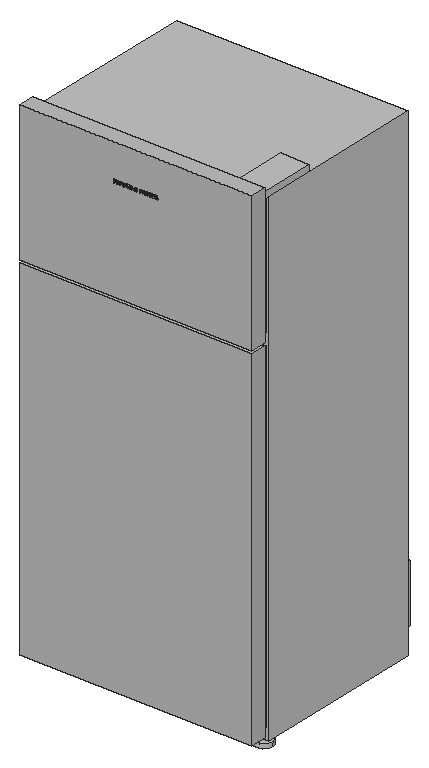
Revit family "FP_Revit_18_RF521TR_Fridges_90001131A", category Specialty Equipment, Revit 2018
Family settings
  Round Connector Dimension = Use Diameter
  Part Type = Normal
  OmniClass Number = 23.40.40.11.11.17
  OmniClass Title = Refrigerator-Freezer
  Work Plane-Based = No
  Always vertical = Yes
  Cut with Voids When Loaded = Yes
  Shared = No
  Room Calculation Point = No
Parameters (values of type "RF521TRZX6")
  Visibility - Clearance Required = yes
  URL = "www.fisherpaykel.com"
  Product - Width = 790 mm  # constant formula
  Product - Height = 1720 mm  # constant formula
  Product - Depth = 695 mm  # constant formula
  Model = "RF521TRZX6"
  Material - Door Structure = Fisher & Paykel - White
  Material - Door Front = Fisher & Paykel - Stainless Steel
  Material - Body = Fisher & Paykel - Grey
  Manufacturer = "Fisher & Paykel Appliances"
  Description = "79cm Freestanding Refrigerator with Bottom Freezer (Stainless)"
  Connector Description - Electrical = "230 V, 10 A, fused electrical supply"
  Chassis - Width = 790 mm  # constant formula
  Chassis - Height = 1662 mm  # constant formula
  Chassis - Depth = 625 mm  # constant formula
  Cavity - Width = 830 mm  # constant formula
  Cavity - Height = 1735 mm  # constant formula
  Cavity - Depth = 625 mm  # constant formula
Types (5, lengths in mm): name | Model | Material - Door Front | Description | Connector Description - Electrical
  (no name) | "RF521TRZX6" | Fisher & Paykel - Stainless Steel | "79cm Freestanding Refrigerator with Bottom Freezer (Stainless)" | "230 V, 10 A, fused electrical supply"
  RF521TRPX6 | "RF521TRPX6" | Fisher & Paykel - Stainless Steel | "79cm Freestanding Refrigerator with Bottom Freezer (Stainless)" | "230 V, 10 A, fused electrical supply"
  RF521TRZX6 | "RF521TRZX6" | Fisher & Paykel - Stainless Steel | "79cm Freestanding Refrigerator with Bottom Freezer (Stainless)" | "230 V, 10 A, fused electrical supply"
  RF521TRZW6 | "RF521TRZW6" | Fisher & Paykel - White | "79cm Freestanding Refrigerator with Bottom Freezer (White)" | "230 V, 10 A, fused electrical supply"
  RF521TRPW6 | "RF521TRPW6" | Fisher & Paykel - White | "79cm Freestanding Refrigerator with Bottom Freezer (White)" | "120 V, 10 A, fused electrical supply"
Reference planes
  plane 1 "Datum": y = 0
  plane 2: z = 0
  plane 3 "Center (Left/Right)": x = 0
  plane 4 "Product LHS": x = -395
  plane 5 "Product RHS": x = 395
  plane 6 "Product - Depth": y = 625
  plane 7 "Cavity LHS": x = -415
  plane 8 "Cavity RHS": x = 415
  plane 9 "Cavity - Depth": y = 625
  plane 10 "Handle Offset": x = 298
  plane 11 "Product Height": z = 1720
  plane 12 "Cavity Height": z = 1735
  plane 13 "Door Panel Front": y = -70
Forms (mm)
  Extrusion 1, solid, material "Fisher & Paykel - Grey" <- "Material - Body"
    sketch origin (0, 0, 0) x (0, 1, 0) y (0, 0, 1)
      loop
        line (0, 24) -> (595, 24) -> (595, 1686) -> (0, 1686) -> (0, 24)
    from -395 to 395
  Extrusion 2, solid, material "Fisher & Paykel - Grey" <- "Material - Body"
    sketch origin (0, 0, 0) x (1, 0, 0) y (0, 1, 0)
      loop
        circle (-365, 18.6) r 4.9
      loop
        circle (365, 18.6) r 4.9
    from 14 to 24
  Extrusion 3, solid, material "Fisher & Paykel - Grey" <- "Material - Body"
    sketch origin (0, 0, 0) x (1, 0, 0) y (0, 1, 0)
      loop
        circle (-365, 18.6) r 30
      loop
        circle (365, 18.6) r 30
    from 0 to 14
  Extrusion 4, solid, material "Fisher & Paykel - Grey" <- "Material - Body"
    sketch origin (0, 0, 0) x (1, 0, 0) y (0, 0, 1)
      loop
        circle (355.042, 69) r 5
    from -615 to -595
  Extrusion 5, solid, material "Fisher & Paykel - White" <- "Material - Door Structure"
    sketch origin (0, 0, 0) x (1, 0, 0) y (0, 1, 0)
      loop
        line (-387, 0) -> (-387, -15) -> (387, -15) -> (387, 0) -> (-387, 0)
    from 1269 to 1680
  Extrusion 6, solid, material "Fisher & Paykel - Stainless Steel" <- "Material - Door Front"
    sketch origin (0, 0, 0) x (1, 0, 0) y (0, 1, 0)
      loop
        line (-395, -15) -> (-395, -70) -> (395, -70) -> (395, -15) -> (-395, -15)
    from 1247 to 1720
  Extrusion 7, solid, material "Fisher & Paykel - Grey" <- "Material - Body", detail levels fine
    sketch origin (0, 0, -4) x (0, 1, 0) y (0, 0, 1)
      loop
        arc (62.091, 28) -> (87.5, 4) -> (112.909, 28) r 25.45
        line (112.909, 28) -> (62.091, 28)
      loop
        arc (503.639, 28) -> (529.047, 4) -> (554.456, 28) r 25.45
        line (554.456, 28) -> (503.639, 28)
    from 325.45 to 342.5
  Extrusion 8, solid, material "Fisher & Paykel - Clearance Required", visible <- "Visibility - Clearance Required", detail levels coarse
    sketch origin (0, 0, 0) x (1, 0, 0) y (0, 1, 0)
      loop
        line (-415, 625) -> (-415, -70) -> (530, -70) -> (530, 0) -> (415, 0) -> (415, 625) -> (-415, 625)
    from 0 to 1735
  Extrusion 9, void
    sketch origin (0, 0, 0) x (1, 0, 0) y (0, 1, 0)
      loop
        line (-415, 625) -> (-415, -70) -> (530, -70) -> (530, 0) -> (415, 0) -> (415, 625) -> (-415, 625)
    from 0 to 1735
  Extrusion 10, solid, material "Fisher & Paykel - Stainless Steel" <- "Material - Door Front"
    sketch origin (0, 0, 0) x (1, 0, 0) y (0, 1, 0)
      loop
        line (-395, -15) -> (-395, -70) -> (395, -70) -> (395, -15) -> (-395, -15)
    from 40 to 1237
  Extrusion 11, solid, material "Fisher & Paykel - White" <- "Material - Door Structure"
    sketch origin (0, 0, 0) x (1, 0, 0) y (0, 1, 0)
      loop
        line (-387, 0) -> (-387, -15) -> (387, -15) -> (387, 0) -> (-387, 0)
    from 62 to 1229
  Extrusion 12, solid, material "Fisher & Paykel - Grey" <- "Material - Body"
    sketch origin (229.237, 0, 0) x (0, 1, 0) y (0, 0, 1)
      loop
        line (595, 324) -> (595, 94) -> (625, 94) -> (625, 294) -> (595, 324)
    from -604.237 to 145.763
  Extrusion 13, solid, material "Fisher & Paykel - Grey" <- "Material - Body"
    sketch origin (0, 0, 0) x (0, 1, 0) y (0, 0, 1)
      loop
        line (595, 94) -> (595, 24) -> (625, 24) -> (625, 94) -> (595, 94)
    from -375 to 345
  Extrusion 14, solid, material "Fisher & Paykel - Grey" <- "Material - Body", detail levels fine
    sketch origin (0, 0, -4) x (0, 1, 0) y (0, 0, -1)
      loop
        line (62.091, -28) -> (112.909, -28)
        arc (112.909, -28) -> (87.5, -4) -> (62.091, -28) r 25.45
      loop
        line (503.639, -28) -> (554.456, -28)
        arc (554.456, -28) -> (529.047, -4) -> (503.639, -28) r 25.45
    from 325.45 to 342.5
  Extrusion 15, solid, material "Fisher & Paykel - Grey" <- "Material - Body"
    sketch origin (0, 0, 0) x (1, 0, 0) y (0, 1, 0)
      loop
        line (296.4, 174) -> (296.4, -15) -> (393.4, -15) -> (393.4, 174) -> (296.4, 174)
    from 1686 to 1708
  Extrusion 16, solid, material "Fisher & Paykel - Clearance Required", visible <- "Visibility - Clearance Required", detail levels coarse
    sketch origin (0, 0, 0) x (1, 0, 0) y (0, 1, 0)
      loop
        arc (-395, -70) -> (135.432, -761.124) -> (975.827, -531.456) r 781.226
        line (975.827, -531.456) -> (460.698, -70) -> (-395, -70)
    from 0 to 1735
  Extrusion 17, void
    sketch origin (0, 0, 0) x (1, 0, 0) y (0, 0, 1)
      loop
        line (-395, 1521.451) -> (-395, 1281.726)
        arc (-395, 1281.726) -> (-376.652, 1301.604) -> (-370, 1327.823) r 54.999
        line (-370, 1327.823) -> (-370, 1475.354)
        arc (-370, 1475.354) -> (-376.652, 1501.574) -> (-395, 1521.451) r 55
      loop
        line (-395, 1181.725) -> (-395, 797.001)
        arc (-395, 797.001) -> (-376.652, 816.878) -> (-370, 843.098) r 54.999
        line (-370, 843.098) -> (-370, 1135.628)
        arc (-370, 1135.628) -> (-376.652, 1161.848) -> (-395, 1181.725) r 55
    from 29 to 56
Cuts and joins
  joined: Extrusion 12, Extrusion 13
  Extrusion 17 cuts Extrusion 1
  Extrusion 17 cuts Extrusion 5
  Extrusion 17 cuts Extrusion 6
  Extrusion 17 cuts Extrusion 10
  Extrusion 17 cuts Extrusion 11
  Extrusion 17 cuts Extrusion 16
Text (mm)
  text "Due to ongoing product development, product details are subject to change without notice. \nPlease always refer to www.fisherpaykel.com for the most current product information. \n© Fisher & Paykel 2020" at (41.04, -848.295, 0), in view "Ref. Level (Plan)"
Dimensions and locks
  equal spacing: plane 4 "Product LHS", plane 3 "Center (Left/Right)", plane 5 "Product RHS"
  "Product - Width": plane 4 "Product LHS" to plane 5 "Product RHS"
  "Chassis - Depth": plane 1 "Datum" to plane 6 "Product - Depth"
  equal spacing: plane 7 "Cavity LHS", plane 3 "Center (Left/Right)", plane 8 "Cavity RHS"
  "Cavity - Width": plane 7 "Cavity LHS" to plane 8 "Cavity RHS"
  "Cavity - Depth": plane 9 "Cavity - Depth" to plane 1 "Datum"
  Extrusion 4 sketch curve to plane 5 "Product RHS" = 39.958 mm
  "Product - Height": level to plane 11 "Product Height"
  Extrusion 1 sketch curve to plane 11 "Product Height" = 34 mm
  "Cavity - Height": plane 12 "Cavity Height" to level
  "Product - Depth": plane 6 "Product - Depth" to cut or joined group of Extrusion 16, Extrusion 17
  "Chassis - Width": cut or joined group of Extrusion 1, Extrusion 17 to cut or joined group of Extrusion 1, Extrusion 17
  "Chassis - Height": cut or joined group of Extrusion 1, Extrusion 17 to cut or joined group of Extrusion 1, Extrusion 17
  plane 11 "Product Height" to nested 1 = 124 mm
  radius of Extrusion 4 sketch curve = 5 mm
  aligned and locked: level to plane 2
  aligned and locked: Extrusion 1 to plane 5 "Product RHS"
  aligned and locked: plane 4 "Product LHS" to Extrusion 1
  aligned and locked: Extrusion 6 sketch curve to plane 4 "Product LHS"
  aligned and locked: plane 5 "Product RHS" to Extrusion 6 sketch curve
  aligned and locked: Extrusion 1 sketch curve to plane 1 "Datum"
  aligned and locked: Extrusion 13 sketch curve to plane 6 "Product - Depth"
  aligned and locked: Extrusion 4 to Extrusion 1
  aligned and locked: Extrusion 15 to Extrusion 1
  aligned and locked: Extrusion 16 sketch curve to cut or joined group of Extrusion 6, Extrusion 17
  aligned and locked: Extrusion 16 to plane 12 "Cavity Height"
  aligned and locked: plane 4 "Product LHS" to Extrusion 17 sketch curve  (x2)
  aligned and locked: Extrusion 9 to Extrusion 8
  aligned and locked: plane 6 "Product - Depth" to Extrusion 12
Automatic sketch dimensions
  Extrusion 1 sketch curve to plane 6 "Product - Depth" = 30 mm
  level to Extrusion 1 sketch curve = 24 mm
  level to Extrusion 4 sketch curve = 69 mm
  plane 1 "Datum" to Extrusion 5 sketch curve = 0 mm
  Extrusion 5 sketch curve to plane 4 "Product LHS" = 8 mm
  plane 5 "Product RHS" to Extrusion 5 sketch curve = 8 mm
  plane 1 "Datum" to Extrusion 5 sketch curve = 15 mm
  plane 1 "Datum" to Extrusion 6 sketch curve = 70 mm
  plane 1 "Datum" to Extrusion 6 sketch curve = 15 mm
  level to Extrusion 7 sketch curve = 24 mm  (x2)
  Extrusion 7 sketch curve to plane 1 "Datum" = 62.091 mm
  Extrusion 7 sketch curve to Extrusion 7 sketch curve = 25.409 mm  (x2)
  Extrusion 7 sketch curve to plane 6 "Product - Depth" = 121.361 mm
  Extrusion 7 sketch curve to Extrusion 7 sketch curve = 1.45 mm  (x2)
  Extrusion 10 sketch curve to plane 4 "Product LHS" = 0 mm
  Extrusion 10 sketch curve to plane 5 "Product RHS" = 0 mm
  plane 1 "Datum" to Extrusion 10 sketch curve = 70 mm
  plane 1 "Datum" to Extrusion 10 sketch curve = 15 mm
  plane 1 "Datum" to Extrusion 11 sketch curve = 0 mm
  Extrusion 11 sketch curve to plane 4 "Product LHS" = 8 mm
  plane 5 "Product RHS" to Extrusion 11 sketch curve = 8 mm
  plane 1 "Datum" to Extrusion 11 sketch curve = 15 mm
  Extrusion 12 sketch curve to plane 6 "Product - Depth" = 0 mm
  Extrusion 12 sketch curve to plane 6 "Product - Depth" = 30 mm
  level to Extrusion 12 sketch curve = 94 mm
  Extrusion 12 sketch curve to Extrusion 12 sketch curve = 200 mm
  Extrusion 12 sketch curve to Extrusion 12 sketch curve = 30 mm
  Extrusion 13 sketch curve to Extrusion 13 sketch curve = 30 mm
  level to Extrusion 13 sketch curve = 24 mm
  Extrusion 13 sketch curve to Extrusion 13 sketch curve = 70 mm
  level to Extrusion 14 sketch curve = 24 mm  (x2)
  Extrusion 14 sketch curve to plane 1 "Datum" = 62.091 mm
  Extrusion 14 sketch curve to Extrusion 14 sketch curve = 25.409 mm  (x2)
  Extrusion 14 sketch curve to plane 6 "Product - Depth" = 121.361 mm
  level to Extrusion 14 sketch curve = 25.45 mm
  Extrusion 14 sketch curve to Extrusion 14 sketch curve = 1.45 mm
  Extrusion 3 sketch curve to plane 4 "Product LHS" = 30 mm
  plane 5 "Product RHS" to Extrusion 3 sketch curve = 30 mm
  Extrusion 3 sketch curve to plane 1 "Datum" = 18.6 mm  (x2)
  Extrusion 2 sketch curve to plane 4 "Product LHS" = 30 mm
  plane 5 "Product RHS" to Extrusion 2 sketch curve = 30 mm
  Extrusion 2 sketch curve to plane 1 "Datum" = 18.6 mm  (x2)
  Extrusion 9 sketch curve to plane 7 "Cavity LHS" = 0 mm
  Extrusion 9 sketch curve to plane 8 "Cavity RHS" = 0 mm
  plane 1 "Datum" to Extrusion 9 sketch curve = 0 mm
  Extrusion 9 sketch curve to plane 9 "Cavity - Depth" = 0 mm
  Extrusion 9 sketch curve to Extrusion 9 sketch curve = 115 mm
  plane 1 "Datum" to Extrusion 9 sketch curve = 70 mm
  Extrusion 16 sketch curve to plane 7 "Cavity LHS" = 20 mm
  plane 5 "Product RHS" to Extrusion 16 sketch curve = 10.329 mm
  plane 1 "Datum" to Extrusion 16 sketch curve = 531.456 mm
  plane 1 "Datum" to Extrusion 16 sketch curve = 20.723 mm
  Extrusion 16 sketch curve to plane 8 "Cavity RHS" = 45.698 mm
  plane 10 "Handle Offset" to Extrusion 15 sketch curve = 1.6 mm
  plane 5 "Product RHS" to Extrusion 15 sketch curve = 1.6 mm
  plane 1 "Datum" to Extrusion 15 sketch curve = 15 mm
  Extrusion 15 sketch curve to plane 1 "Datum" = 174 mm
  plane 7 "Cavity LHS" to Extrusion 17 sketch curve = 9.999 mm  (x2)
  plane 7 "Cavity LHS" to Extrusion 17 sketch curve = 10 mm  (x2)
  Extrusion 17 sketch curve to plane 4 "Product LHS" = 25 mm  (x2)
  level to Extrusion 17 sketch curve = 797.001 mm
  Extrusion 17 sketch curve to Extrusion 17 sketch curve = 292.53 mm
  Extrusion 17 sketch curve to Extrusion 17 sketch curve = 100.001 mm
  Extrusion 17 sketch curve to Extrusion 17 sketch curve = 147.531 mm
  Extrusion 8 sketch curve to plane 6 "Product - Depth" = 0 mm
  Extrusion 8 sketch curve to plane 7 "Cavity LHS" = 0 mm
  plane 1 "Datum" to Extrusion 8 sketch curve = 0 mm
  Extrusion 8 sketch curve to plane 8 "Cavity RHS" = 0 mm
  Extrusion 8 sketch curve to plane 8 "Cavity RHS" = 115 mm
  plane 1 "Datum" to Extrusion 8 sketch curve = 70 mm
  radius of Extrusion 3 sketch curve = 30 mm  (x2)
  radius of Extrusion 2 sketch curve = 4.9 mm  (x2)
Nested families
  nested 1: "F&P Logo 150mm" at (0, -70, 1596), type "F&P Logo 150mm"
Connectors
  electrical at (355.042, 615, 69), driven by "Connector Description - Electrical"
    settings: on Extrusion 4, index 2, voltage 230 V, apparent load 0 VA, apparent load phase1 0 VA, apparent load phase2 0 VA, apparent load phase3 0 VA, power factor 1, load classification "Other", number of poles 1, system type 30, power factor state 1, is connector primary yes, connector utility no, sub classification motor no, connector description "230 V, 10 A, fused electrical supply"
Definition of nested family "F&P Logo 150mm"
  Parameters (values of type "F&P Logo 150mm")
    URL = "www.fisherpaykel.com"
    Material - Logo = none
    Manufacturer = "Fisher & Paykel Appliances"
  Reference planes
    plane 1 "Center (Front/Back)": y = 0
    plane 2: z = 0
    plane 3 "Center (Left/Right)": x = 0
  Forms (mm)
    Extrusion 1, solid, material <- "Material - Logo", detail levels fine
      sketch origin (0, 0, 0) x (1, 0, 0) y (0, 0, 1)
        loop
          line (-74.994, 0) -> (-72.633, 0) -> (-72.633, 3.207) -> (-68.944, 3.207) -> (-68.944, 5.208) -> (-72.633, 5.208) -> (-72.633, 7.068) -> (-68.62, 7.068) -> (-68.62, 9.06) -> (-74.994, 9.06) -> (-74.994, 0)
        loop
          line (-64.134, 9.06) -> (-64.134, 0) -> (-61.773, 0) -> (-61.773, 9.06) -> (-64.134, 9.06)
        loop
          line (-46.015, 9.06) -> (-46.015, 0) -> (-43.654, 0) -> (-43.654, 3.63) -> (-40.187, 3.63) -> (-40.187, 0) -> (-37.826, 0) -> (-37.826, 9.06) -> (-40.187, 9.06) -> (-40.187, 5.622) -> (-43.654, 5.622) -> (-43.654, 9.06) -> (-46.015, 9.06)
        loop
          line (-32.787, 9.06) -> (-32.787, 0) -> (-26.332, 0) -> (-26.332, 1.992) -> (-30.448, 1.992) -> (-30.448, 3.63) -> (-26.686, 3.63) -> (-26.686, 5.622) -> (-30.448, 5.622) -> (-30.448, 7.068) -> (-26.332, 7.068) -> (-26.332, 9.06) -> (-32.787, 9.06)
        loop
          line (68.572, 9.06) -> (68.572, 0) -> (75.006, 0) -> (75.006, 1.992) -> (70.933, 1.992) -> (70.933, 9.06) -> (68.572, 9.06)
        loop
          line (63.719, 9.06) -> (57.241, 9.06) -> (57.241, 0) -> (63.719, 0) -> (63.719, 1.992) -> (59.602, 1.992) -> (59.602, 3.63) -> (63.364, 3.63) -> (63.364, 5.622) -> (59.602, 5.622) -> (59.602, 7.068) -> (63.719, 7.068) -> (63.719, 9.06)
        loop
          line (50.248, 4.722) -> (53.597, 9.06) -> (50.837, 9.06) -> (47.945, 5.313) -> (47.945, 9.06) -> (45.585, 9.06) -> (45.585, 0) -> (47.945, 0) -> (47.945, 4.058) -> (50.926, 0) -> (53.716, 0) -> (50.248, 4.722)
        loop
          line (33.043, 9.06) -> (36.466, 3.63) -> (36.466, 0) -> (38.827, 0) -> (38.827, 3.511) -> (42.25, 9.06) -> (39.742, 9.06) -> (37.721, 5.561) -> (35.701, 9.06) -> (33.043, 9.06)
        loop
          line (27.79, 9.06) -> (25.547, 9.06) -> (21.858, 0) -> (24.175, 0) -> (24.824, 1.668) -> (28.454, 1.668) -> (29.103, 0) -> (31.479, 0) -> (27.79, 9.06)
        loop
          line (27.671, 3.659) -> (26.612, 6.261) -> (25.599, 3.659) -> (27.671, 3.659)
        loop
          line (12.119, 9.06) -> (12.119, 0) -> (14.48, 0) -> (14.48, 2.907) -> (15.971, 2.907)
          arc (15.971, 2.907) -> (19.048, 5.983) -> (15.971, 9.06) r 3.077
          line (15.971, 9.06) -> (12.119, 9.06)
        loop
          line (14.48, 7.068) -> (14.48, 4.796) -> (15.824, 4.796)
          arc (15.824, 4.796) -> (16.96, 5.932) -> (15.824, 7.068) r 1.136
          line (15.824, 7.068) -> (14.48, 7.068)
        loop
          line (-17.602, 9.06) -> (-21.477, 9.06) -> (-21.477, 0) -> (-19.116, 0) -> (-19.116, 2.522) -> (-18.311, 2.522) -> (-16.387, 0) -> (-13.657, 0) -> (-15.969, 2.959)
          arc (-15.969, 2.959) -> (-14.445, 6.636) -> (-17.602, 9.06) r 3.269
        loop
          line (-17.774, 7.068) -> (-19.116, 7.068) -> (-19.116, 4.579) -> (-17.774, 4.579)
          arc (-17.774, 4.579) -> (-16.529, 5.823) -> (-17.774, 7.068) r 1.244
        loop
          line (0.788, 7.068) -> (0.788, 9.229) -> (-5.291, 9.229) -> (-5.291, 7.276) -> (-4.389, 6.167)
          arc (-4.389, 6.167) -> (-5.193, 1.025) -> (0.005, 0.768) r 3.5
          line (0.005, 0.768) -> (0.63, 0) -> (3.308, 0) -> (1.362, 2.391) -> (3.12, 4.924) -> (0.694, 4.924) -> (0.053, 4) -> (-2.443, 7.068) -> (0.788, 7.068)
        loop
          arc (-3.116, 4.603) -> (-3.331, 2.502) -> (-1.23, 2.286) r 1.493
          line (-1.23, 2.286) -> (-3.116, 4.603)
        loop
          line (-52.698, 5.451) -> (-54.701, 5.866)
          arc (-54.701, 5.866) -> (-55.501, 6.665) -> (-54.701, 7.465) r 0.799
          arc (-54.701, 7.465) -> (-52.78, 7.185) -> (-51.017, 6.371) r 6.757
          line (-51.017, 6.371) -> (-51.017, 8.615)
          arc (-51.017, 8.615) -> (-53.252, 9.269) -> (-55.578, 9.164) r 7.089
          arc (-55.578, 9.164) -> (-57.732, 6.502) -> (-55.578, 3.841) r 2.721
          line (-55.578, 3.841) -> (-53.559, 3.423)
          arc (-53.559, 3.423) -> (-52.76, 2.623) -> (-53.559, 1.824) r 0.799
          arc (-53.559, 1.824) -> (-55.481, 2.103) -> (-57.244, 2.917) r 6.757
          line (-57.244, 2.917) -> (-57.244, 0.674)
          arc (-57.244, 0.674) -> (-55.009, 0.02) -> (-52.682, 0.125) r 7.089
          arc (-52.682, 0.125) -> (-50.529, 2.795) -> (-52.698, 5.451) r 2.721
      from 0 to 0.8
  Dimensions and locks
    aligned and locked: level to plane 2
